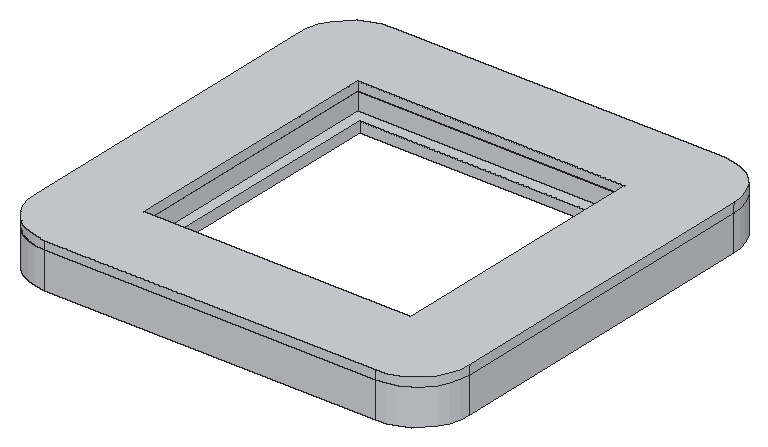
Revit family "Gira_0211416", category Electrical Fixtures, host Face, Revit 2017
Family settings
  Host = Face
  Maintain Annotation Orientation = No
  Round Connector Dimension = Use Diameter
  Part Type = Normal
  Cut with Voids When Loaded = No
  Shared = No
  Room Calculation Point = No
Parameters (values of type "Abdeckrahmen 1f Gira E3 Umbra/Reinweiß")
  Werkstoffgüte = "sonstige"
  Werkstoff = "sonstige"
  URL = "http://katalog.gira.de/de_DE/datenblatt.html?artikelnr=0211416"
  Transparent = "No"
  Textfeld/Beschriftungsfläche = "No"
  Schutzart (IP) = "IP20"
  Region = "DE"
  Oberfläche = "sonstige"
  Name = "Abdeckrahmen 1f Gira E3 Umbra/Reinweiß"
  Montagerichtung = "horizontal und vertikal"
  Mit Montagerahmen = "No"
  Mit Klappdeckel = "No"
  Manufacturer URL = "https://www.gira.de/"
  Keynote = "E3_Rahmen_1fach"
  HeinzeBIM = "https://bimportal.heinze.de/bim/abdeckrahmen-1f-gira-e3-umbra-reinweiss/d0b1943311c650a9f9251d8c44d766297fc82417"
  Halogenfrei = "Yes"
  HAN = "0211416"
  Geeignet für Unterputz-Installation = "Yes"
  Geeignet für Unterflurkanaldose = "No"
  Geeignet für Geräteeinbaukanal = "No"
  Geeignet für Einbauinstallation = "No"
  GTIN = "4010337024392"
  Farbe = "braun"
  Default Elevation = 1219.2 mm
  Data sheet (1) = "https://katalog.gira.de/de_DE/download.html?artikelnr=0211416"
  Category = "Abdeckrahmen"
  Befestigungsart = "Klemmbefestigung"
  Available = "Yes"
  Anzahl der Einheiten vertikal = "1 "
  Anzahl der Einheiten horizontal = "1 "
  Anzahl der Einheiten = "1 "
Reference planes
  plane 1 "Center (Front/Back)": y = 0
  plane 2: z = 0
  plane 3 "Center (Left/Right)": x = 0
Forms (mm)
  Extrusion 1, solid, detail levels fine
    sketch origin (0, 0, 0) x (1, 0, 0) y (0, 1, 0)
      loop
        arc (-34.8, 45.809) -> (-42.585, 42.585) -> (-45.809, 34.8) r 11.009
        line (-45.809, 34.8) -> (-45.809, -34.8)
        arc (-45.809, -34.8) -> (-42.585, -42.585) -> (-34.8, -45.809) r 11.009
        line (-34.8, -45.809) -> (34.8, -45.809)
        arc (34.8, -45.809) -> (42.585, -42.585) -> (45.809, -34.8) r 11.009
        line (45.809, -34.8) -> (45.809, 34.8)
        arc (45.809, 34.8) -> (42.585, 42.585) -> (34.8, 45.809) r 11.009
        line (34.8, 45.809) -> (-34.8, 45.809)
      loop
        line (28.187, 28.156) -> (-28.187, 28.156) -> (-28.187, -28.156) -> (28.187, -28.156) -> (28.187, 28.156)
    from 7.65 to 9.5
  Extrusion 2, solid, detail levels fine
    sketch origin (0, 0, 0) x (1, 0, 0) y (0, 1, 0)
      loop
        line (25.7, 25.7) -> (-25.7, 25.7) -> (-25.7, -25.7) -> (25.7, -25.7) -> (25.7, 25.7)
      loop
        line (-28.187, -28.156) -> (28.187, -28.156) -> (28.187, 28.156) -> (-28.187, 28.156) -> (-28.187, -28.156)
    from 1.65 to 3.9
  Extrusion 3, solid, detail levels fine
    sketch origin (0, 0, 0) x (1, 0, 0) y (0, 1, 0)
      loop
        arc (-34.8, 45.809) -> (-42.585, 42.585) -> (-45.809, 34.8) r 11.009
        line (-45.809, 34.8) -> (-45.809, -34.8)
        arc (-45.809, -34.8) -> (-42.585, -42.585) -> (-34.8, -45.809) r 11.009
        line (-34.8, -45.809) -> (34.8, -45.809)
        arc (34.8, -45.809) -> (42.585, -42.585) -> (45.809, -34.8) r 11.009
        line (45.809, -34.8) -> (45.809, 34.8)
        arc (45.809, 34.8) -> (42.585, 42.585) -> (34.8, 45.809) r 11.009
        line (34.8, 45.809) -> (-34.8, 45.809)
      loop
        line (-43.843, 34.785) -> (-43.843, -34.785)
        arc (-43.843, -34.785) -> (-41.19, -41.19) -> (-34.785, -43.843) r 9.058
        line (-34.785, -43.843) -> (34.785, -43.843)
        arc (34.785, -43.843) -> (41.19, -41.19) -> (43.843, -34.785) r 9.058
        line (43.843, -34.785) -> (43.843, 34.785)
        arc (43.843, 34.785) -> (41.19, 41.19) -> (34.785, 43.843) r 9.058
        line (34.785, 43.843) -> (-34.785, 43.843)
        arc (-34.785, 43.843) -> (-41.19, 41.19) -> (-43.843, 34.785) r 9.058
    from 0 to 7.65
  Extrusion 4, solid, detail levels fine
    sketch origin (0, 0, 0) x (1, 0, 0) y (0, 1, 0)
      loop
        line (-27.337, -31.075) -> (27.337, -31.075)
        arc (27.337, -31.075) -> (29.98, -29.98) -> (31.075, -27.337) r 3.739
        line (31.075, -27.337) -> (31.075, 27.337)
        arc (31.075, 27.337) -> (29.98, 29.98) -> (27.337, 31.075) r 3.739
        line (27.337, 31.075) -> (-27.337, 31.075)
        arc (-27.337, 31.075) -> (-29.98, 29.98) -> (-31.075, 27.337) r 3.739
        line (-31.075, 27.337) -> (-31.075, -27.337)
        arc (-31.075, -27.337) -> (-29.98, -29.98) -> (-27.337, -31.075) r 3.739
      loop
        line (-29.925, 27.537) -> (-29.925, -27.537)
        arc (-29.925, -27.537) -> (-29.226, -29.226) -> (-27.537, -29.925) r 2.389
        line (-27.537, -29.925) -> (27.537, -29.925)
        arc (27.537, -29.925) -> (29.226, -29.226) -> (29.925, -27.537) r 2.389
        line (29.925, -27.537) -> (29.925, 27.537)
        arc (29.925, 27.537) -> (29.226, 29.226) -> (27.537, 29.925) r 2.389
        line (27.537, 29.925) -> (-27.537, 29.925)
        arc (-27.537, 29.925) -> (-29.226, 29.226) -> (-29.925, 27.537) r 2.389
    from 1.65 to 7.65
  Extrusion 5, solid, detail levels fine
    sketch origin (0, 0, 0) x (1, 0, 0) y (0, 1, 0)
      loop
        line (-32.053, -39.8) -> (32.053, -39.8)
        arc (32.053, -39.8) -> (37.667, -36.708) -> (39.9, -30.7) r 9.2
        line (39.9, -30.7) -> (39.9, 30.7)
        arc (39.9, 30.7) -> (37.205, 37.205) -> (30.7, 39.9) r 9.2
        line (30.7, 39.9) -> (-30.7, 39.9)
        arc (-30.7, 39.9) -> (-37.205, 37.205) -> (-39.9, 30.7) r 9.2
        line (-39.9, 30.7) -> (-39.9, -30.7)
        arc (-39.9, -30.7) -> (-37.667, -36.708) -> (-32.053, -39.8) r 9.2
      loop
        line (-30.7, -31.7) -> (30.7, -31.7)
        arc (30.7, -31.7) -> (31.407, -31.407) -> (31.7, -30.7) r 1
        line (31.7, -30.7) -> (31.7, 30.7)
        arc (31.7, 30.7) -> (31.407, 31.407) -> (30.7, 31.7) r 1
        line (30.7, 31.7) -> (-30.7, 31.7)
        arc (-30.7, 31.7) -> (-31.407, 31.407) -> (-31.7, 30.7) r 1
        line (-31.7, 30.7) -> (-31.7, -30.7)
        arc (-31.7, -30.7) -> (-31.407, -31.407) -> (-30.7, -31.7) r 1
    from 1.65 to 3.9
  Extrusion 6, solid, detail levels fine
    sketch origin (0, 0, 0) x (1, 0, 0) y (0, 1, 0)
      loop
        line (-28.187, 28.156) -> (-28.187, -28.156) -> (28.187, -28.156) -> (28.187, 28.156) -> (-28.187, 28.156)
      loop
        line (-29.925, 29.925) -> (-29.925, -29.925) -> (29.925, -29.925) -> (29.925, 29.925) -> (-29.925, 29.925)
    from 1.65 to 7.65
  Extrusion 7, solid, detail levels coarse+medium
    sketch origin (0, 0, 0) x (1, 0, 0) y (0, 1, 0)
      loop
        line (-45.809, 45.809) -> (-45.809, -45.809) -> (45.809, -45.809) -> (45.809, 45.809) -> (-45.809, 45.809)
    from 0 to 9.5
Dimensions and locks
  aligned and locked: plane 2 to host face
  aligned and locked: level to host face
